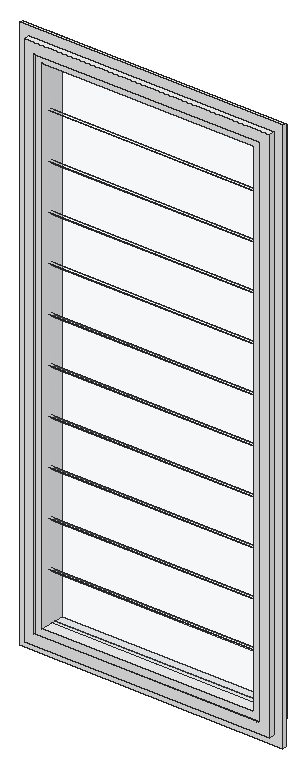
Revit family
Parameters (values of type "APL SFS Window")
  Window Panel Height = Height - 60 mm  # 1140 mm
  Wall Offset = 22 mm
  Mullion = Render Material 255-255-255
  Louvre Material = Glass
  Louvre Length = Width - 80 mm  # 470 mm
  Louvre Width = 110 mm
  Louvre Number = Window Panel Height / (Louvre Width - 10 mm)  # 11
  Louvre Angle [instance] = 5.00°
  Height = 1200 mm
  Glass Thickness = 8 mm
  Glass = Glass
  Default Sill Height = 800 mm
  Wall Closure = (empty or 0)
  Width = 550 mm
  Assembly Code = ""
Reference planes
  plane 1: y = 0
  plane 2 "Center (Left/Right)": x = -30
  plane 3 "Left": x = -305
  plane 4 "Right": x = 245
  plane 5 "Sill": z = 800
  plane 6 "Head": z = 2000
  plane 7 "Exterior": y = 75
  plane 8 "Interior": y = -75
  plane 9: z = 819.311
  plane 10: y = 97
Forms (mm)
  Sweep 1, solid, material "Render Material 255-255-255" <- "Mullion"
    path in 3D
      loop
        line (245, 75, 800) -> (245, 75, 2000) -> (-305, 75, 2000) -> (-305, 75, 800) -> (245, 75, 800)
    profile origin (-30, 75, 2000) x (0, 1, 0) y (0, 0, -1)
      loop
        line (11.343, 41.47) -> (11.343, 26.997) -> (8.961, 26.997) -> (8.961, 5.097) -> (22, 5.097) -> (22, -14.903) -> (28.513, -14.903) -> (28.513, -1.394) -> (32.8, -1.394) -> (32.8, 13.606) -> (66.979, 13.606) -> (66.979, 41.47) -> (11.343, 41.47)
Lines and regions (mm)
  Opening 1
    outline origin (3500, -75, 0) x (1, 0, 0) y (0, 0, 1)
      loop
        line (-3255, 800) -> (-3255, 2000) -> (-3805, 2000) -> (-3805, 800) -> (-3255, 800)
  sketch lines
    curve 1: line (-305, 75, 800) -> (245, 75, 800)
    curve 2: line (245, 75, 800) -> (245, 75, 2000)
    curve 3: line (245, 75, 2000) -> (-305, 75, 2000)
    curve 4: line (-305, 75, 2000) -> (-305, 75, 800)
Text (mm)
  text "EXTERIOR" at (-1963.203, 1332.353, 0), in view "Ref. Level"
  text "INTERIOR" at (-1981.466, -818.386, 0), in view "Ref. Level"
  text "Exterior" at (0, 923.751, 2943.296), in view "Right"
  text "Exterior" at (0, 1040.484, 2685.409), in view "Left"
Dimensions and locks
  equal spacing: plane 3 "Left", plane 2 "Center (Left/Right)", plane 4 "Right"
  "Width": plane 3 "Left" to plane 4 "Right"
  "Height": plane 5 "Sill" to plane 6 "Head"
  "Default Sill Height": plane 5 "Sill" to level
  locked: plane 7 "Exterior" to host wall at 0
  locked: plane 8 "Interior" to host wall
  "Wall Offset": plane 7 "Exterior" to plane 10
  equal spacing: group 1, group 3, group 4, group 5, group 6, group 7, group 8, group 9, group 10, group 11, group 2  (x3)
  aligned and locked: Sweep 1 to plane 10
  aligned and locked: plane 2 "Center (Left/Right)" to nested 2
  aligned and locked: nested 2 to Sweep 1
  aligned and locked: nested 3 to Sweep 1
Automatic sketch dimensions
  Opening 1 sketch curve to plane 3 "Left" = 0 mm
  Opening 1 sketch curve to plane 4 "Right" = 0 mm
  Opening 1 sketch curve to plane 5 "Sill" = 0 mm
  Opening 1 sketch curve to plane 6 "Head" = 0 mm
  profile plane to Sweep 1 sketch curve = 5.097 mm
  Sweep 1 sketch curve to profile plane = 8.961 mm
  Sweep 1 sketch curve to Sweep 1 sketch curve = 2.382 mm
  Sweep 1 sketch curve to profile plane = 22 mm
  Sweep 1 sketch curve to Sweep 1 sketch curve = 6.513 mm
  Sweep 1 sketch curve to Sweep 1 sketch curve = 10.8 mm
  Sweep 1 sketch curve to profile plane = 66.979 mm
  Sweep 1 sketch curve to profile plane = 1.394 mm
  Sweep 1 sketch curve to Sweep 1 sketch curve = 13.509 mm
  profile plane to Sweep 1 sketch curve = 13.606 mm
  Sweep 1 sketch curve to Sweep 1 sketch curve = 21.9 mm
  Sweep 1 sketch curve to Sweep 1 sketch curve = 14.474 mm
Nested families
  nested 1: "Metro Series SF Sill" at (-305, -3.5, 842.1) x (0, -1, 0) z (-1, 0, 0), type "Metro Series SF Sill"
  nested 2: "Louvre" at (-30, 107.8, 896.47), type "Louvre"
    with louvre Angle 5.00°, Louvre thickness 8 mm, Louvre Width 110 mm, Louvre Length 470 mm, Louvre Centre 55 mm
  nested 3: "Louvre" at (-30, 107.8, 1903.53), type "Louvre"
    with louvre Angle 5.00°, Louvre thickness 8 mm, Louvre Width 110 mm, Louvre Length 470 mm, Louvre Centre 55 mm
  nested 4: "Louvre" at (-30, 107.8, 997.176), type "Louvre"
    with louvre Angle 5.00°, Louvre thickness 8 mm, Louvre Width 110 mm, Louvre Length 470 mm, Louvre Centre 55 mm
  nested 5: "Louvre" at (-30, 107.8, 1097.882), type "Louvre"
    with louvre Angle 5.00°, Louvre thickness 8 mm, Louvre Width 110 mm, Louvre Length 470 mm, Louvre Centre 55 mm
  nested 6: "Louvre" at (-30, 107.8, 1198.588), type "Louvre"
    with louvre Angle 5.00°, Louvre thickness 8 mm, Louvre Width 110 mm, Louvre Length 470 mm, Louvre Centre 55 mm
  nested 7: "Louvre" at (-30, 107.8, 1299.294), type "Louvre"
    with louvre Angle 5.00°, Louvre thickness 8 mm, Louvre Width 110 mm, Louvre Length 470 mm, Louvre Centre 55 mm
  nested 8: "Louvre" at (-30, 107.8, 1400), type "Louvre"
    with louvre Angle 5.00°, Louvre thickness 8 mm, Louvre Width 110 mm, Louvre Length 470 mm, Louvre Centre 55 mm
  nested 9: "Louvre" at (-30, 107.8, 1500.706), type "Louvre"
    with louvre Angle 5.00°, Louvre thickness 8 mm, Louvre Width 110 mm, Louvre Length 470 mm, Louvre Centre 55 mm
  nested 10: "Louvre" at (-30, 107.8, 1601.412), type "Louvre"
    with louvre Angle 5.00°, Louvre thickness 8 mm, Louvre Width 110 mm, Louvre Length 470 mm, Louvre Centre 55 mm
  nested 11: "Louvre" at (-30, 107.8, 1702.118), type "Louvre"
    with louvre Angle 5.00°, Louvre thickness 8 mm, Louvre Width 110 mm, Louvre Length 470 mm, Louvre Centre 55 mm
  nested 12: "Louvre" at (-30, 107.8, 1802.824), type "Louvre"
    with louvre Angle 5.00°, Louvre thickness 8 mm, Louvre Width 110 mm, Louvre Length 470 mm, Louvre Centre 55 mm
Definition of nested family "Louvre"
  Parameters
    louvre Angle = 10.00°
    Louvre thickness = 6 mm
    Louvre Width = 150 mm
    Louvre Material = none
    Louvre Length = 550 mm
    Louvre Centre = 0.5 * Louvre Width  # 75 mm
  Reference planes
    plane 1 "Center (Front/Back)": y = 0
    plane 2 "Louvre Plane": through (0, 0, 0) normal (0, 0.9848, 0.1736)
    plane 3 "Center (Left/Right)": x = 0
    plane 4: x = -275
    plane 5: x = 275
    plane 6: z = -75
    plane 7: z = 75
  Forms (mm)
    Sweep 1, solid, material <- "Louvre Material"
      path in 3D
        loop
          line (-275, -0.006, 0.036) -> (275, -0.006, 0.036)
      profile origin (0, -0.006, 0.036) x (0, 0.173648, -0.984808) y (0, 0.984808, 0.173648)
        loop
          line (75, 6) -> (-75, 6) -> (-75, 0) -> (75, 0) -> (75, 6)
  Lines and regions (mm)
    reference lines
      curve 1: line (-275, -0.006, 0.036) -> (275, -0.006, 0.036)
    sketch lines
      curve 2: line (-275, -0.006, 0.036) -> (275, -0.006, 0.036)
  Dimensions and locks
    equal spacing: plane 5, plane 3 "Center (Left/Right)", plane 4
    "Louvre Length": plane 5 to plane 4
    equal spacing: Sweep 1 sketch curve, profile plane, Sweep 1 sketch curve
    "Louvre Width": Sweep 1 sketch curve to Sweep 1 sketch curve
    "Louvre thickness": Sweep 1 sketch curve to profile plane
    "Louvre Centre": level to plane 6
    equal spacing: plane 7, level, plane 6
    "louvre Angle": angle plane 2 "Louvre Plane" to plane 1 "Center (Front/Back)"
    aligned and locked: plane 5 to curve 1
    aligned and locked: plane 4 to curve 1
  Automatic sketch dimensions
    Sweep 1 sketch curve to profile plane = 0 mm
Definition of nested family "Metro Series SF Sill"
  Reference planes
    plane 1 "Center (Front/Back)": y = 0
    plane 2: z = 0
    plane 3 "Center (Left/Right)": x = 0
  Lines and regions (mm)
    model lines, style "DetailComponents", in view "Ref. Level"
      curve 1: arc (-2.499, -2.05, 0) -> (-2.999, -2.55, 0) -> (-3.499, -2.05, 0) r 0.5
      curve 2: arc (-3.499, -0.2, 0) -> (-3.441, -0.059, 0) -> (-3.299, 0, 0) r 0.2
      curve 3: arc (-0.199, 0, 0) -> (-0.064, -0.052, 0) -> (0, -0.182, 0) r 0.2
      curve 4: arc (0, -13.675, 0) -> (0.284, -14.399, 0) -> (1, -14.7, 0) r 1
      curve 5: arc (6.799, -14.7, 0) -> (7.499, -15.4, 0) -> (6.799, -16.1, 0) r 0.7
      curve 6: arc (0.999, -18.52, 0) -> (0.889, -18.813, 0) -> (0.626, -18.984, 0) r 0.5
      curve 7: arc (0.626, -18.984, 0) -> (0.39, -19.123, 0) -> (0.263, -19.366, 0) r 0.5
      curve 8: arc (0.263, -19.366, 0) -> (-0.118, -20.155, 0) -> (-0.827, -20.67, 0) r 1.8
      curve 9: arc (-0.827, -20.67, 0) -> (-1.103, -20.944, 0) -> (-1.099, -21.333, 0) r 0.5
      curve 10: arc (-1.099, -21.333, 0) -> (-0.802, -22.669, 0) -> (-1.025, -24.02, 0) r 3.6
      curve 11: arc (-1.025, -24.02, 0) -> (-0.967, -24.479, 0) -> (-0.556, -24.694, 0) r 0.5
      curve 12: arc (-0.501, -24.694, 0) -> (0.56, -25.133, 0) -> (0.999, -26.194, 0) r 1.5
      curve 13: arc (16.749, -35.601, 0) -> (17.499, -36.351, 0) -> (16.749, -37.101, 0) r 0.75
      curve 14: arc (-0.301, -37.101, 0) -> (-0.442, -37.042, 0) -> (-0.501, -36.901, 0) r 0.2
      curve 15: arc (-7.679, -26.194, 0) -> (-8.041, -26.052, 0) -> (-8.192, -25.694, 0) r 0.5
      curve 16: arc (-8.192, -25.194, 0) -> (-8.045, -24.84, 0) -> (-7.692, -24.694, 0) r 0.5
      curve 17: arc (-6.689, -24.694, 0) -> (-6.249, -23.893, 0) -> (-5.339, -23.971, 0) r 0.837
      curve 18: arc (-5.339, -23.971, 0) -> (-4.401, -24.294, 0) -> (-3.462, -23.971, 0) r 1.525
      curve 19: arc (-3.462, -23.971, 0) -> (-3.301, -23.872, 0) -> (-3.121, -23.812, 0) r 0.837
      curve 20: arc (-3.121, -23.812, 0) -> (-2.914, -23.715, 0) -> (-2.772, -23.536, 0) r 0.5
      curve 21: arc (-2.772, -23.536, 0) -> (-2.601, -22.769, 0) -> (-2.772, -22.002, 0) r 1.8
      curve 22: arc (-2.772, -22.002, 0) -> (-2.914, -21.823, 0) -> (-3.121, -21.726, 0) r 0.5
      curve 23: arc (-3.121, -21.726, 0) -> (-3.301, -21.666, 0) -> (-3.462, -21.567, 0) r 0.837
      curve 24: arc (-3.462, -21.567, 0) -> (-4.401, -21.244, 0) -> (-5.339, -21.567, 0) r 1.525
      curve 25: arc (-5.339, -21.567, 0) -> (-6.105, -21.705, 0) -> (-6.655, -21.153, 0) r 0.837
      curve 26: arc (-6.655, -21.153, 0) -> (-6.835, -20.898, 0) -> (-7.132, -20.8, 0) r 0.5
      curve 27: arc (-16.4, -20.8, 0) -> (-16.754, -20.946, 0) -> (-16.9, -21.3, 0) r 0.5
      curve 28: arc (-16.9, -21.95, 0) -> (-17.603, -23.647, 0) -> (-19.3, -24.35, 0) r 2.4
      curve 29: arc (-20.7, -26, 0) -> (-21.52, -27.98, 0) -> (-23.5, -28.8, 0) r 2.8
      curve 30: arc (-34.109, -28.8, 0) -> (-36.231, -29.679, 0) -> (-37.109, -31.8, 0) r 3
      curve 31: arc (-37.109, -32.925, 0) -> (-37.256, -33.278, 0) -> (-37.609, -33.425, 0) r 0.5
      curve 32: arc (-45.002, -33.425, 0) -> (-45.194, -33.463, 0) -> (-45.356, -33.571, 0) r 0.5
      curve 33: arc (-48.064, -36.28, 0) -> (-48.973, -36.887, 0) -> (-50.044, -37.1, 0) r 2.8
      curve 34: arc (-89.7, -51.651, 0) -> (-89.182, -52.327, 0) -> (-88.395, -52.002, 0) r 0.7
      curve 35: arc (-88.395, -52.002, 0) -> (-88.335, -51.904, 0) -> (-88.272, -51.809, 0) r 3
      curve 36: arc (-88.272, -51.809, 0) -> (-87.2, -51.436, 0) -> (-86.988, -52.551, 0) r 0.75
      curve 37: arc (-86.988, -52.551, 0) -> (-87.325, -53.508, 0) -> (-86.988, -54.465, 0) r 1.525
      curve 38: arc (-86.988, -54.465, 0) -> (-86.895, -54.616, 0) -> (-86.84, -54.784, 0) r 0.75
      curve 39: arc (-86.84, -54.784, 0) -> (-86.743, -54.995, 0) -> (-86.561, -55.14, 0) r 0.5
      curve 40: arc (-86.561, -55.14, 0) -> (-85.801, -55.308, 0) -> (-85.041, -55.14, 0) r 1.8
      curve 41: arc (-85.041, -55.14, 0) -> (-84.858, -54.995, 0) -> (-84.761, -54.784, 0) r 0.5
      curve 42: arc (-84.761, -54.784, 0) -> (-84.706, -54.615, 0) -> (-84.612, -54.464, 0) r 0.737
      curve 43: arc (-84.612, -54.464, 0) -> (-84.275, -53.508, 0) -> (-84.612, -52.552, 0) r 1.525
      curve 44: arc (-84.612, -52.552, 0) -> (-84.5, -51.515, 0) -> (-83.463, -51.627, 0) r 0.738
      curve 45: arc (-83.463, -51.627, 0) -> (-82.827, -53.108, 0) -> (-83.049, -54.704, 0) r 3
      curve 46: arc (-83.049, -54.704, 0) -> (-83.008, -55.177, 0) -> (-82.59, -55.403, 0) r 0.5
      curve 47: arc (-82.4, -55.403, 0) -> (-82.258, -55.462, 0) -> (-82.2, -55.603, 0) r 0.2
      curve 48: arc (-82.2, -56.803, 0) -> (-82.258, -56.944, 0) -> (-82.4, -57.003, 0) r 0.2
      curve 49: arc (-90, -57.003, 0) -> (-91.061, -56.564, 0) -> (-91.5, -55.503, 0) r 1.5
      curve 50: arc (-91.5, -27.2, 0) -> (-91.442, -27.058, 0) -> (-91.3, -27, 0) r 0.2
      curve 51: arc (-87.636, -27, 0) -> (-87.027, -27.207, 0) -> (-86.67, -27.741, 0) r 1
      curve 52: arc (-86.507, -28.348, 0) -> (-86.542, -28.522, 0) -> (-86.7, -28.6, 0) r 0.2
      curve 53: arc (-89.2, -28.6, 0) -> (-89.554, -28.746, 0) -> (-89.7, -29.1, 0) r 0.5
      curve 54: arc (-50.044, -35.3, 0) -> (-49.661, -35.224, 0) -> (-49.337, -35.007, 0) r 1
      curve 55: arc (-46.629, -32.299, 0) -> (-45.882, -31.8, 0) -> (-45.002, -31.625, 0) r 2.3
      curve 56: arc (-42.984, -31.625, 0) -> (-42.455, -31.003, 0) -> (-41.647, -31.127, 0) r 0.837
      curve 57: arc (-41.647, -31.127, 0) -> (-40.709, -31.45, 0) -> (-39.771, -31.127, 0) r 1.525
      curve 58: arc (-39.771, -31.127, 0) -> (-39.609, -31.028, 0) -> (-39.43, -30.968, 0) r 0.837
      curve 59: arc (-39.43, -30.968, 0) -> (-39.223, -30.871, 0) -> (-39.081, -30.692, 0) r 0.5
      curve 60: arc (-39.081, -30.692, 0) -> (-38.909, -29.925, 0) -> (-39.081, -29.158, 0) r 1.8
      curve 61: arc (-39.081, -29.158, 0) -> (-39.223, -28.979, 0) -> (-39.43, -28.882, 0) r 0.5
      curve 62: arc (-39.43, -28.882, 0) -> (-39.609, -28.822, 0) -> (-39.771, -28.723, 0) r 0.837
      curve 63: arc (-39.771, -28.723, 0) -> (-40.709, -28.4, 0) -> (-41.647, -28.723, 0) r 1.525
      curve 64: arc (-41.647, -28.723, 0) -> (-42.53, -28.815, 0) -> (-43, -28.062, 0) r 0.837
      curve 65: arc (-43, -27.5, 0) -> (-42.854, -27.146, 0) -> (-42.5, -27, 0) r 0.5
      curve 66: arc (-35, -19.2, 0) -> (-34.942, -19.058, 0) -> (-34.8, -19, 0) r 0.2
      curve 67: arc (-32.41, -20.058, 0) -> (-32.353, -20.174, 0) -> (-32.378, -20.3, 0) r 0.2
      curve 68: arc (-33.333, -21.955, 0) -> (-33.383, -22.076, 0) -> (-33.4, -22.205, 0) r 0.5
      curve 69: arc (-23.5, -27, 0) -> (-22.793, -26.707, 0) -> (-22.5, -26, 0) r 1
      curve 70: arc (-22.5, -24.35, 0) -> (-21.973, -23.077, 0) -> (-20.7, -22.55, 0) r 1.8
      curve 71: arc (-18.9, -22.55, 0) -> (-18.617, -22.433, 0) -> (-18.5, -22.15, 0) r 0.4
      curve 72: arc (-20.747, -20.2, 0) -> (-21.347, -19.6, 0) -> (-20.747, -19, 0) r 0.6
      curve 73: arc (-3.299, -8.1, 0) -> (-3.441, -8.041, 0) -> (-3.499, -7.9, 0) r 0.2
      curve 74: arc (-3.499, -6.044, 0) -> (-2.994, -5.55, 0) -> (-2.499, -6.056, 0) r 0.5
      curve 75: line (-3.499, -2.05, 0) -> (-3.499, -0.2, 0)
      curve 76: line (-3.299, 0, 0) -> (-0.199, 0, 0)
      curve 77: line (0, -0.182, 0) -> (0, -13.675, 0)
      curve 78: line (1, -14.7, 0) -> (6.799, -14.7, 0)
      curve 79: line (6.799, -16.1, 0) -> (1, -16.1, 0)
      curve 80: line (1, -16.1, 0) -> (1, -18.5, 0)
      curve 81: line (0.999, -26.194, 0) -> (0.999, -35.601, 0)
      curve 82: line (0.999, -35.601, 0) -> (16.749, -35.601, 0)
      curve 83: line (16.749, -37.101, 0) -> (-0.301, -37.101, 0)
      curve 84: line (-0.501, -36.901, 0) -> (-0.501, -26.194, 0)
      curve 85: line (-0.501, -26.194, 0) -> (-7.679, -26.194, 0)
      curve 86: line (-8.192, -25.694, 0) -> (-8.192, -25.194, 0)
      curve 87: line (-7.692, -24.694, 0) -> (-6.689, -24.694, 0)
      curve 88: line (-7.132, -20.8, 0) -> (-16.4, -20.8, 0)
      curve 89: line (-16.9, -21.3, 0) -> (-16.9, -21.95, 0)
      curve 90: line (-19.3, -24.35, 0) -> (-20.7, -24.35, 0)
      curve 91: line (-20.7, -24.35, 0) -> (-20.7, -26, 0)
      curve 92: line (-23.5, -28.8, 0) -> (-34.109, -28.8, 0)
      curve 93: line (-37.109, -31.8, 0) -> (-37.109, -32.925, 0)
      curve 94: line (-37.609, -33.425, 0) -> (-45.002, -33.425, 0)
      curve 95: line (-45.356, -33.571, 0) -> (-48.064, -36.28, 0)
      curve 96: line (-50.044, -37.1, 0) -> (-89.7, -37.1, 0)
      curve 97: line (-89.7, -37.1, 0) -> (-89.7, -51.651, 0)
      curve 98: line (-82.59, -55.403, 0) -> (-82.4, -55.403, 0)
      curve 99: line (-82.2, -55.603, 0) -> (-82.2, -56.803, 0)
      curve 100: line (-82.4, -57.003, 0) -> (-90, -57.003, 0)
      curve 101: line (-91.5, -55.503, 0) -> (-91.5, -27.2, 0)
      curve 102: line (-91.3, -27, 0) -> (-87.636, -27, 0)
      curve 103: line (-86.67, -27.741, 0) -> (-86.507, -28.348, 0)
      curve 104: line (-86.7, -28.6, 0) -> (-89.2, -28.6, 0)
      curve 105: line (-89.7, -29.1, 0) -> (-89.7, -35.3, 0)
      curve 106: line (-89.7, -35.3, 0) -> (-50.044, -35.3, 0)
      curve 107: line (-49.337, -35.007, 0) -> (-46.629, -32.299, 0)
      curve 108: line (-45.002, -31.625, 0) -> (-42.984, -31.625, 0)
      curve 109: line (-43, -28.062, 0) -> (-43, -27.5, 0)
      curve 110: line (-42.5, -27, 0) -> (-35, -27, 0)
      curve 111: line (-35, -27, 0) -> (-35, -19.2, 0)
      curve 112: line (-34.8, -19, 0) -> (-33.551, -19, 0)
      curve 113: line (-33.551, -19, 0) -> (-32.41, -20.058, 0)
      curve 114: line (-32.378, -20.3, 0) -> (-33.333, -21.955, 0)
      curve 115: line (-33.4, -22.205, 0) -> (-33.4, -27, 0)
      curve 116: line (-33.4, -27, 0) -> (-23.5, -27, 0)
      curve 117: line (-22.5, -26, 0) -> (-22.5, -24.35, 0)
      curve 118: line (-20.7, -22.55, 0) -> (-18.9, -22.55, 0)
      curve 119: line (-18.5, -22.15, 0) -> (-18.5, -20.2, 0)
      curve 120: line (-18.5, -20.2, 0) -> (-20.747, -20.2, 0)
      curve 121: line (-20.747, -19, 0) -> (-1.499, -19, 0)
      curve 122: line (-1.499, -19, 0) -> (-1.499, -8.1, 0)
      curve 123: line (-1.499, -8.1, 0) -> (-3.299, -8.1, 0)
      curve 124: line (-3.499, -7.9, 0) -> (-3.499, -6.044, 0)
      curve 125: line (-2.499, -6.056, 0) -> (-2.499, -6.8, 0)
      curve 126: line (-2.499, -6.8, 0) -> (-0.999, -6.8, 0)
      curve 127: line (-0.999, -6.8, 0) -> (-0.999, -1.3, 0)
      curve 128: line (-0.999, -1.3, 0) -> (-2.499, -1.3, 0)
      curve 129: line (-2.499, -1.3, 0) -> (-2.499, -2.05, 0)
      curve 130: arc (-57.042, -30.611, 0) -> (-59.185, -30.959, 0) -> (-60.792, -29.5, 0) r 2.5
      curve 131: arc (-60.792, -29.5, 0) -> (-64.5, -27, 0) -> (-68.208, -29.5, 0) r 4
      curve 132: arc (-68.208, -29.5, 0) -> (-69.816, -30.959, 0) -> (-71.959, -30.611, 0) r 2.5
      curve 133: arc (-71.959, -30.611, 0) -> (-77.413, -27.924, 0) -> (-83.422, -27, 0) r 20
      curve 134: arc (-86.452, -27, 0) -> (-86.594, -27.058, 0) -> (-86.652, -27.2, 0) r 0.2
      curve 135: arc (-85.421, -34.544, 0) -> (-84.503, -35.074, 0) -> (-83.972, -34.156, 0) r 0.75
      curve 136: arc (-83.422, -28.5, 0) -> (-77.863, -29.355, 0) -> (-72.819, -31.84, 0) r 18.5
      curve 137: arc (-72.819, -31.84, 0) -> (-69.39, -32.398, 0) -> (-66.818, -30.062, 0) r 4
      curve 138: arc (-66.818, -30.062, 0) -> (-64.5, -28.5, 0) -> (-62.183, -30.062, 0) r 2.5
      curve 139: arc (-62.183, -30.062, 0) -> (-61.248, -31.445, 0) -> (-59.831, -32.325, 0) r 4
      curve 140: arc (-59.831, -32.325, 0) -> (-59.591, -32.508, 0) -> (-59.5, -32.796, 0) r 0.5
      curve 141: arc (-59.5, -34.6, 0) -> (-59.354, -34.953, 0) -> (-59, -35.1, 0) r 0.5
      curve 142: arc (-57, -35.1, 0) -> (-56.647, -34.953, 0) -> (-56.5, -34.6, 0) r 0.5
      curve 143: arc (-56.5, -34.1, 0) -> (-56.647, -33.746, 0) -> (-57, -33.6, 0) r 0.5
      curve 144: arc (-57.5, -33.6, 0) -> (-57.854, -33.453, 0) -> (-58, -33.1, 0) r 0.5
      curve 145: arc (-58, -32.956, 0) -> (-57.89, -32.643, 0) -> (-57.608, -32.467, 0) r 0.5
      curve 146: arc (-57.608, -32.467, 0) -> (-56.864, -32.224, 0) -> (-56.182, -31.84, 0) r 4
      curve 147: arc (-56.182, -31.84, 0) -> (-51.137, -29.355, 0) -> (-45.578, -28.5, 0) r 18.5
      curve 148: arc (-44.7, -28.75, 0) -> (-44.114, -30.164, 0) -> (-42.7, -30.75, 0) r 2
      curve 149: arc (-41.2, -30.75, 0) -> (-40.847, -30.603, 0) -> (-40.7, -30.25, 0) r 0.5
      curve 150: arc (-40.7, -29.6, 0) -> (-40.847, -29.246, 0) -> (-41.2, -29.1, 0) r 0.5
      curve 151: arc (-42.7, -29.1, 0) -> (-43.054, -28.953, 0) -> (-43.2, -28.6, 0) r 0.5
      curve 152: arc (-43.2, -27.2, 0) -> (-43.259, -27.058, 0) -> (-43.4, -27, 0) r 0.2
      curve 153: line (-83.422, -27, 0) -> (-86.452, -27, 0)
      curve 154: line (-86.652, -27.2, 0) -> (-86.652, -29.95, 0)
      curve 155: line (-86.652, -29.95, 0) -> (-85.421, -34.544, 0)
      curve 156: line (-83.972, -34.156, 0) -> (-85.152, -29.752, 0)
      curve 157: line (-85.152, -29.752, 0) -> (-85.152, -28.5, 0)
      curve 158: line (-85.152, -28.5, 0) -> (-83.422, -28.5, 0)
      curve 159: line (-59.5, -32.796, 0) -> (-59.5, -34.6, 0)
      curve 160: line (-59, -35.1, 0) -> (-57, -35.1, 0)
      curve 161: line (-56.5, -34.6, 0) -> (-56.5, -34.1, 0)
      curve 162: line (-57, -33.6, 0) -> (-57.5, -33.6, 0)
      curve 163: line (-45.578, -28.5, 0) -> (-44.7, -28.5, 0)
      curve 164: line (-44.7, -28.5, 0) -> (-44.7, -28.75, 0)
      curve 165: line (-42.7, -30.75, 0) -> (-41.2, -30.75, 0)
      curve 166: line (-40.7, -30.25, 0) -> (-40.7, -29.6, 0)
      curve 167: line (-41.2, -29.1, 0) -> (-42.7, -29.1, 0)
      curve 168: line (-43.2, -28.6, 0) -> (-43.2, -27.2, 0)
      curve 169: line (-43.4, -27, 0) -> (-45.578, -27, 0)
      curve 170: arc (-45.578, -27, 0) -> (-51.588, -27.924, 0) -> (-57.042, -30.611, 0) r 20
      curve 171: arc (-41, -1.35, 0) -> (-40.927, -1.527, 0) -> (-40.75, -1.6, 0) r 0.25
      curve 172: arc (-35.25, -1.6, 0) -> (-35.073, -1.673, 0) -> (-35, -1.85, 0) r 0.25
      curve 173: arc (-35, -4.85, 0) -> (-35.073, -5.027, 0) -> (-35.25, -5.1, 0) r 0.25
      curve 174: arc (-39, -4.35, 0) -> (-39.155, -4.119, 0) -> (-39.427, -4.173, 0) r 0.25
      curve 175: arc (-41, -13, 0) -> (-40.854, -13.354, 0) -> (-40.5, -13.5, 0) r 0.5
      curve 176: arc (-40, -13.5, 0) -> (-39.647, -13.354, 0) -> (-39.5, -13, 0) r 0.5
      curve 177: arc (-39.5, -7, 0) -> (-39.354, -6.646, 0) -> (-39, -6.5, 0) r 0.5
      curve 178: arc (-35.5, -6.5, 0) -> (-35.147, -6.646, 0) -> (-35, -7, 0) r 0.5
      curve 179: arc (-35, -18.65, 0) -> (-34.942, -18.791, 0) -> (-34.8, -18.85, 0) r 0.2
      curve 180: arc (-32.308, -17.83, 0) -> (-32.095, -17.802, 0) -> (-31.98, -17.983, 0) r 0.2
      curve 181: arc (-31.98, -19.552, 0) -> (-32.014, -19.811, 0) -> (-32.114, -20.052, 0) r 1
      curve 182: arc (-32.372, -20.499, 0) -> (-32.308, -20.877, 0) -> (-31.925, -20.885, 0) r 0.301
      curve 183: arc (-31.925, -20.885, 0) -> (-31.449, -20.292, 0) -> (-31.28, -19.552, 0) r 1.7
      curve 184: arc (-31.28, -17.983, 0) -> (-31.909, -16.527, 0) -> (-33.4, -15.987, 0) r 2
      curve 185: arc (-33.4, -3.6, 0) -> (-32.814, -2.186, 0) -> (-31.4, -1.6, 0) r 2
      curve 186: arc (-20.217, -1.6, 0) -> (-18.803, -2.186, 0) -> (-18.217, -3.6, 0) r 2
      curve 187: arc (-18.217, -8.57, 0) -> (-19.241, -13.42, 0) -> (-22.138, -17.442, 0) r 12
      curve 188: arc (-22.138, -17.442, 0) -> (-22.575, -18.049, 0) -> (-22.73, -18.781, 0) r 1.811
      curve 189: arc (-22.73, -19.655, 0) -> (-22.302, -20.702, 0) -> (-21.263, -21.15, 0) r 1.495
      curve 190: arc (-20.47, -21.893, 0) -> (-19.985, -22.202, 0) -> (-19.412, -22.251, 0) r 1.206
      curve 191: arc (-19.412, -22.251, 0) -> (-19.243, -22.069, 0) -> (-19.381, -21.863, 0) r 0.2
      curve 192: arc (-19.381, -21.863, 0) -> (-19.57, -21.771, 0) -> (-19.726, -21.631, 0) r 0.75
      curve 193: arc (-20.651, -20.529, 0) -> (-20.814, -20.401, 0) -> (-21.014, -20.351, 0) r 0.5
      curve 194: arc (-21.23, -20.35, 0) -> (-21.725, -20.145, 0) -> (-21.93, -19.65, 0) r 0.7
      curve 195: arc (-21.93, -18.781, 0) -> (-21.843, -18.373, 0) -> (-21.599, -18.034, 0) r 1.011
      curve 196: arc (-21.599, -18.034, 0) -> (-18.509, -13.743, 0) -> (-17.417, -8.57, 0) r 12.8
      curve 197: arc (-17.417, -3.6, 0) -> (-16.831, -2.186, 0) -> (-15.417, -1.6, 0) r 2
      curve 198: arc (-6.2, -1.6, 0) -> (-5.493, -1.893, 0) -> (-5.2, -2.6, 0) r 1
      curve 199: arc (-5.2, -3.85, 0) -> (-4.732, -4.981, 0) -> (-3.6, -5.45, 0) r 1.6
      curve 200: arc (-1.7, -5.45, 0) -> (-1.347, -5.304, 0) -> (-1.2, -4.95, 0) r 0.5
      curve 201: arc (-1.2, -4.35, 0) -> (-1.347, -3.996, 0) -> (-1.7, -3.85, 0) r 0.5
      curve 202: arc (-3.6, -0.2, 0) -> (-3.659, -0.059, 0) -> (-3.8, 0, 0) r 0.2
      curve 203: arc (-40.75, 0, 0) -> (-40.927, -0.073, 0) -> (-41, -0.25, 0) r 0.25
      curve 204: line (-40.75, -1.6, 0) -> (-35.25, -1.6, 0)
      curve 205: line (-35, -1.85, 0) -> (-35, -4.85, 0)
      curve 206: line (-35.25, -5.1, 0) -> (-39, -5.1, 0)
      curve 207: line (-39, -5.1, 0) -> (-39, -4.35, 0)
      curve 208: line (-39.427, -4.173, 0) -> (-40.942, -5.688, 0)
      curve 209: line (-40.942, -5.688, 0) -> (-41, -13, 0)
      curve 210: line (-40.5, -13.5, 0) -> (-40, -13.5, 0)
      curve 211: line (-39.5, -13, 0) -> (-39.5, -7, 0)
      curve 212: line (-39, -6.5, 0) -> (-35.5, -6.5, 0)
      curve 213: line (-35, -7, 0) -> (-35, -18.65, 0)
      curve 214: line (-34.8, -18.85, 0) -> (-33.596, -18.85, 0)
      curve 215: line (-33.596, -18.85, 0) -> (-32.308, -17.83, 0)
      curve 216: line (-31.98, -17.983, 0) -> (-31.98, -19.552, 0)
      curve 217: line (-32.114, -20.052, 0) -> (-32.372, -20.499, 0)
      curve 218: line (-31.28, -19.552, 0) -> (-31.28, -17.983, 0)
      curve 219: line (-33.4, -15.987, 0) -> (-33.4, -3.6, 0)
      curve 220: line (-31.4, -1.6, 0) -> (-20.217, -1.6, 0)
      curve 221: line (-18.217, -3.6, 0) -> (-18.217, -8.57, 0)
      curve 222: line (-22.73, -18.781, 0) -> (-22.73, -19.655, 0)
      curve 223: line (-21.123, -21.211, 0) -> (-20.47, -21.893, 0)
      curve 224: line (-19.726, -21.631, 0) -> (-20.651, -20.529, 0)
      curve 225: line (-21.033, -20.35, 0) -> (-21.23, -20.35, 0)
      curve 226: line (-21.93, -19.65, 0) -> (-21.93, -18.781, 0)
      curve 227: line (-17.417, -8.57, 0) -> (-17.417, -3.6, 0)
      curve 228: line (-15.417, -1.6, 0) -> (-6.2, -1.6, 0)
      curve 229: line (-5.2, -2.6, 0) -> (-5.2, -3.85, 0)
      curve 230: line (-3.6, -5.45, 0) -> (-1.7, -5.45, 0)
      curve 231: line (-1.2, -4.95, 0) -> (-1.2, -4.35, 0)
      curve 232: line (-1.7, -3.85, 0) -> (-3.6, -3.85, 0)
      curve 233: line (-3.6, -3.85, 0) -> (-3.6, -0.2, 0)
      curve 234: line (-3.8, 0, 0) -> (-40.75, 0, 0)
      curve 235: line (-41, -0.25, 0) -> (-41, -1.35, 0)
    model lines, style "Light Lines", in view "Ref. Level"
      curve 236: arc (-38.921, -4.247, 0) -> (-38.904, -4.67, 0) -> (-38.48, -4.653, 0) r 0.3
      curve 237: arc (-36.259, -2.097, 0) -> (-36.212, -1.776, 0) -> (-36.485, -1.6, 0) r 0.3
      curve 238: arc (-40.8, -1.6, 0) -> (-40.942, -1.541, 0) -> (-41, -1.4, 0) r 0.2
      curve 239: arc (-41, -0.6, 0) -> (-41.176, -0.176, 0) -> (-41.6, 0, 0) r 0.6
      curve 240: arc (-44.211, 0, 0) -> (-44.604, -0.147, 0) -> (-44.805, -0.515, 0) r 0.6
      curve 241: arc (-45.464, -5.129, 0) -> (-44.912, -7.609, 0) -> (-42.86, -9.108, 0) r 3.6
      curve 242: arc (-42.86, -9.108, 0) -> (-42.245, -8.759, 0) -> (-42.593, -8.144, 0) r 0.5
      curve 243: arc (-42.593, -8.144, 0) -> (-43.945, -7.157, 0) -> (-44.308, -5.524, 0) r 2.371
      curve 244: arc (-43.772, -1.772, 0) -> (-43.705, -1.649, 0) -> (-43.574, -1.6, 0) r 0.2
      curve 245: arc (-42.7, -1.6, 0) -> (-42.559, -1.659, 0) -> (-42.5, -1.8, 0) r 0.2
      curve 246: arc (-42.5, -7.549, 0) -> (-42.442, -7.691, 0) -> (-42.3, -7.75, 0) r 0.2
      curve 247: arc (-41.2, -7.75, 0) -> (-41.059, -7.691, 0) -> (-41, -7.55, 0) r 0.2
      curve 248: arc (-41, -3.45, 0) -> (-40.942, -3.309, 0) -> (-40.8, -3.25, 0) r 0.2
      curve 249: line (-38.921, -4.247, 0) -> (-38.311, -3.586, 0)
      curve 250: line (-38.311, -3.586, 0) -> (-38.921, -4.247, 0)
      curve 251: line (-38.48, -4.653, 0) -> (-36.259, -2.097, 0)
      curve 252: line (-36.485, -1.6, 0) -> (-40.8, -1.6, 0)
      curve 253: line (-41, -1.4, 0) -> (-41, -0.6, 0)
      curve 254: line (-41.6, 0, 0) -> (-44.211, 0, 0)
      curve 255: line (-44.805, -0.515, 0) -> (-45.464, -5.129, 0)
      curve 256: line (-44.308, -5.524, 0) -> (-43.772, -1.772, 0)
      curve 257: line (-43.574, -1.6, 0) -> (-42.7, -1.6, 0)
      curve 258: line (-42.5, -1.8, 0) -> (-42.5, -7.549, 0)
      curve 259: line (-42.3, -7.75, 0) -> (-41.2, -7.75, 0)
      curve 260: line (-41, -7.55, 0) -> (-41, -3.45, 0)
      curve 261: line (-40.8, -3.25, 0) -> (-38.458, -3.25, 0)
      curve 262: arc (-38.458, -3.25, 0) -> (-38.274, -3.37, 0) -> (-38.311, -3.586, 0) r 0.2
      curve 263: line (34.131, -35.351, 0) -> (0.999, -35.351, 0)
      curve 264: line (0.999, -35.351, 0) -> (0.999, -16.351, 0)
      curve 265: line (0.999, -16.351, 0) -> (34.131, -16.351, 0)
      curve 266: line (3.221, -19.671, 0) -> (34.131, -18.76, 0)
      curve 267: line (7.493, -25.635, 0) -> (34.157, -25.995, 0)
      curve 268: line (6.136, -35.057, 0) -> (33.927, -34.985, 0)
      curve 269: line (27.19, -33.593, 0) -> (34.157, -25.995, 0)
      curve 270: line (20.453, -33.037, 0) -> (17.926, -21.904, 0)
      curve 271: line (13.154, -33.872, 0) -> (2.705, -26.923, 0)
